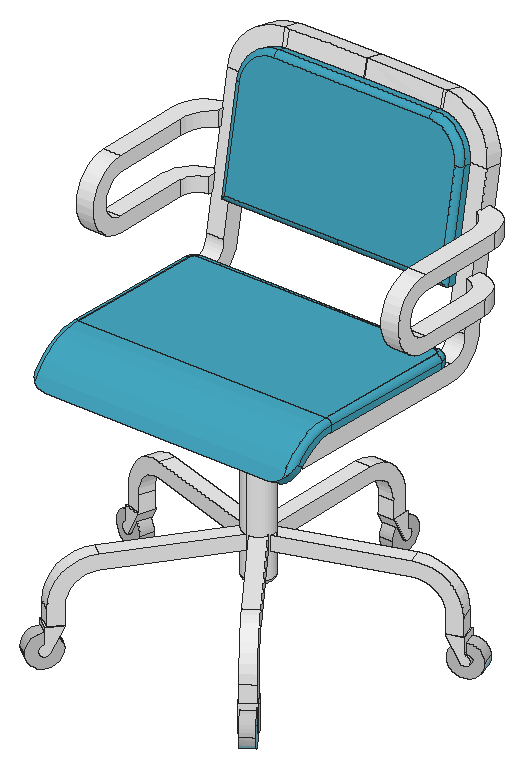
Revit family
Parameters (values of type "NIN0SWV-S")
  Width = 22"
  Wheels Finish = EMECO-Plastic Gray
  Weight (lbs) = 20
  Warranties = "7 Year Warranty"  # constant formula
  URL = "www.emeco.net"
  Trolly for tow Stacks = "N/A"  # constant formula
  Stackable = "Does Not Stack"  # constant formula
  Spinneybeck Volo Leather = "N/A"  # constant formula
  Sound Attenuation Pad = ""
  Soft Back Visibility = yes
  Seat Material = "EMECO-Soft Polyurethane"  # constant formula
  Seat & Back Finish Option [instance] = Emeco-Shared-Seat_Back-NIN0SWV : Blue
  Product Name = "Nine-0™ Swivel Armchair"  # constant formula
  Outdoor Warranty = "N/A"  # constant formula
  Open Back Visibility = no
  Model = "NIN0SWV-SA"
  Manufacturer = "Emeco"  # constant formula
  Integrated Felt Glide = "N/A"  # constant formula
  Frame Material = "EMECO-Recycled Aluminum Base, Adjustable Glides"  # constant formula
  Frame Finish Option = "EMECO-Hand Brushed or Hand Polished"  # constant formula
  Fire Retardant Seat Pad = "N/A"  # constant formula
  Fire Retardant = "Certified Acc To Bs And Cal133"  # constant formula
  Depth = 23"
  Created by = "Contino"  # constant formula
  Collaborator = "Ettore Sottsass"  # constant formula
  Bar Back Visibility = no
  Back Material = "EMECO-Soft Polyurethane"
  BIFMA = "Yes"  # constant formula
  Assembly Code = "E2020200"
  Adjustable Seat Heigth = "17.5-20.5"  # constant formula
  Adjustable Height = "29.5-32.5"  # constant formula
Reference planes
  plane 1 "Center Front/Back": y = 0.515
  plane 2: z = 0
  plane 3 "Center Left/Right": x = 0
  plane 4 "Top 2": z = 800.1
  plane 5 "Left 1": x = -279.4
  plane 6 "Front 1": y = -528.477
  plane 7 "Right 1": x = 279.4
  plane 8 "Top 1": z = 469.9
  plane 9 "Back 1": y = 55.723
Forms (mm)
  Extrusion 1, solid, material "EMECO-Hand Brushed"
    sketch origin (0, 121.744, 537.696) x (0, -0.992546, 0.121869) y (1, 0, 0)
      loop
        line (188.455, -195) -> (207.73, -195)
        arc (207.73, -195) -> (192.665, 0) -> (207.73, 195) r 1269.634
        line (207.73, 195) -> (188.455, 195)
        arc (188.455, 195) -> (173.389, 0) -> (188.455, -195) r 1269.454
    from -21.417 to 0
  Extrusion 2, solid, material "EMECO-Hand Brushed", visible <- "Bar Back Visibility"
    sketch origin (0, 19.462, 7.925) x (0, 0.999391, 0.034899) y (0, -0.034899, 0.999391)
      loop
        line (-24.253, 784.52) -> (-70.255, 545.837) -> (-60.505, 543.584) -> (-14.565, 781.951) -> (-24.253, 784.52)
    from 55 to 85
  Extrusion 3, solid, material "EMECO-Hand Brushed", visible <- "Bar Back Visibility"
    sketch origin (-140, 19.462, 7.925) x (0, 0.999391, 0.034899) y (0, -0.034899, 0.999391)
      loop
        line (-24.253, 784.52) -> (-70.255, 545.837) -> (-60.505, 543.584) -> (-14.565, 781.951) -> (-24.253, 784.52)
    from 55 to 85
  Extrusion 4, solid, material "EMECO-Hand Brushed", visible <- "Bar Back Visibility"
    sketch origin (-70, 19.462, 7.925) x (0, 0.999391, 0.034899) y (0, -0.034899, 0.999391)
      loop
        line (-22.556, 784.07) -> (-68.546, 545.442) -> (-58.797, 543.189) -> (-12.867, 781.501) -> (-22.556, 784.07)
    from 55 to 85
  Extrusion 5, solid, material "EMECO-Hand Brushed"
    sketch origin (0, -15.473, 0) x (0, 1, 0) y (0, 0, 1)
      loop
        line (-120.027, 654.6) -> (-248.541, 654.6)
        arc (-248.541, 654.6) -> (-308.541, 594.6) -> (-248.541, 534.6) r 60
        line (-248.541, 534.6) -> (-120.027, 534.6) -> (-120.027, 560) -> (-248.541, 560)
        arc (-248.541, 560) -> (-283.141, 594.6) -> (-248.541, 629.2) r 34.6
        line (-248.541, 629.2) -> (-120.027, 629.2) -> (-120.027, 654.6)
    from 250 to 280
  Extrusion 6, solid, material "EMECO-Hand Brushed"
    sketch origin (0, -15.473, 0) x (0, 1, 0) y (0, 0, 1)
      loop
        line (-120.027, 654.6) -> (-248.541, 654.6)
        arc (-248.541, 654.6) -> (-308.541, 594.6) -> (-248.541, 534.6) r 60
        line (-248.541, 534.6) -> (-120.027, 534.6) -> (-120.027, 560) -> (-248.541, 560)
        arc (-248.541, 560) -> (-283.141, 594.6) -> (-248.541, 629.2) r 34.6
        line (-248.541, 629.2) -> (-120.027, 629.2) -> (-120.027, 654.6)
    from -280 to -250
  Extrusion 7, solid, material "EMECO-Hand Brushed"
    sketch origin (0, -15.473, 0) x (1, 0, 0) y (0, 1, 0)
      loop
        line (-280, -120.027) -> (-250, -120.027)
        arc (-250, -120.027) -> (-244.235, -90.735) -> (-225, -67.903) r 59.661
        line (-225, -67.903) -> (-225, -43.345)
        arc (-225, -43.345) -> (-263.891, -59.454) -> (-280, -98.345) r 55
        line (-280, -98.345) -> (-280, -120.027)
    from 629.2 to 654.6
  Extrusion 8, solid, material "EMECO-Hand Brushed"
    sketch origin (0, -15.473, -94.6) x (1, 0, 0) y (0, 1, 0)
      loop
        arc (-250, -120.027) -> (-242.717, -100.521) -> (-225, -89.585) r 32.106
        line (-225, -89.585) -> (-225, -65.027)
        arc (-225, -65.027) -> (-263.891, -81.136) -> (-280, -120.027) r 55
        line (-280, -120.027) -> (-250, -120.027)
    from 629.2 to 654.6
  Extrusion 9, solid, material "EMECO-Hand Brushed"
    sketch origin (0, -15.473, 0) x (-1, 0, 0) y (0, -1, 0)
      loop
        line (-280, 120.027) -> (-280, 98.345)
        arc (-280, 98.345) -> (-263.891, 59.454) -> (-225, 43.345) r 55
        line (-225, 43.345) -> (-225, 67.903)
        arc (-225, 67.903) -> (-244.235, 90.735) -> (-250, 120.027) r 59.661
        line (-250, 120.027) -> (-280, 120.027)
    from 629.2 to 654.6
  Extrusion 10, solid, material "EMECO-Hand Brushed"
    sketch origin (0, -15.473, -94.6) x (-1, 0, 0) y (0, -1, 0)
      loop
        line (-250, 120.027) -> (-280, 120.027)
        arc (-280, 120.027) -> (-263.891, 81.136) -> (-225, 65.027) r 55
        line (-225, 65.027) -> (-225, 89.585)
        arc (-225, 89.585) -> (-242.717, 100.521) -> (-250, 120.027) r 32.106
    from 629.2 to 654.6
  Sweep 11, solid, material "EMECO-Hand Brushed"
    path origin (265, -3.844, -0.038) x (0, -1, 0) y (0, 0, 1)
      loop
        line (254.102, 155.6) -> (46.408, 155.6)
        arc (46.408, 155.6) -> (2.143, 137.265) -> (-16.192, 93) r 62.6
        line (-16.192, 93) -> (-16.192, 65)
    profile origin (265, -154.099, 155.562) x (0, 0, -1) y (-1, 0, 0)
      loop
        line (-12.7, 252.3) -> (12.7, 252.3) -> (12.7, 277.7) -> (-12.7, 277.7) -> (-12.7, 252.3)
  Sweep 12, solid, material "EMECO-Hand Brushed"
    path origin (-178.232, 59.196, -0.038) x (0.951057, -0.309017, 0) y (0, 0, 1)
      loop
        line (254.102, 155.6) -> (46.408, 155.6)
        arc (46.408, 155.6) -> (2.143, 137.265) -> (-16.192, 93) r 62.6
        line (-16.192, 93) -> (-16.192, 65)
    profile origin (-35.331, 12.765, 155.562) x (0, 0, -1) y (-0.309017, -0.951057, 0)
      loop
        line (-12.7, 252.3) -> (12.7, 252.3) -> (12.7, 277.7) -> (-12.7, 277.7) -> (-12.7, 252.3)
  Sweep 13, solid, material "EMECO-Hand Brushed"
    path origin (375.154, -342.862, -0.038) x (-0.587785, 0.809017, 0) y (0, 0, -1)
      loop
        line (254.102, -155.6) -> (46.408, -155.6)
        arc (46.408, -155.6) -> (2.143, -137.265) -> (-16.192, -93) r 62.6
        line (-16.192, -93) -> (-16.192, -65)
    profile origin (286.836, -221.303, 155.562) x (0, 0, 1) y (-0.809017, -0.587785, 0)
      loop
        line (12.7, 252.3) -> (12.7, 277.7) -> (-12.7, 277.7) -> (-12.7, 252.3) -> (12.7, 252.3)
  Sweep 14, solid, material "EMECO-Hand Brushed"
    path origin (-375.154, -342.862, -0.038) x (0.587785, 0.809017, 0) y (0, 0, 1)
      loop
        line (254.102, 155.6) -> (46.408, 155.6)
        arc (46.408, 155.6) -> (2.143, 137.265) -> (-16.192, 93) r 62.6
        line (-16.192, 93) -> (-16.192, 65)
    profile origin (-286.836, -221.303, 155.562) x (0, 0, -1) y (0.809017, -0.587785, 0)
      loop
        line (-12.7, 252.3) -> (12.7, 252.3) -> (12.7, 277.7) -> (-12.7, 277.7) -> (-12.7, 252.3)
  Sweep 15, solid, material "EMECO-Hand Brushed"
    path origin (178.232, 59.196, -0.038) x (-0.951057, -0.309017, 0) y (0, 0, -1)
      loop
        line (254.102, -155.6) -> (46.408, -155.6)
        arc (46.408, -155.6) -> (2.143, -137.265) -> (-16.192, -93) r 62.6
        line (-16.192, -93) -> (-16.192, -65)
    profile origin (35.331, 12.765, 155.562) x (0, 0, 1) y (0.309017, -0.951057, 0)
      loop
        line (12.7, 252.3) -> (12.7, 277.7) -> (-12.7, 277.7) -> (-12.7, 252.3) -> (12.7, 252.3)
  Extrusion 16, solid, material "EMECO-Hand Brushed"
    sketch origin (265, -3.844, -0.038) x (0, -1, 0) y (0, 0, 1)
      loop
        line (-31.492, 65) -> (-31.492, 41.856) -> (-32.627, 37.621)
        arc (-32.627, 37.621) -> (-38.871, 24.95) -> (-24.809, 23.603) r 8.583
        line (-24.809, 23.603) -> (-3.492, 63) -> (-3.492, 65) -> (-31.492, 65)
    from 279.7 to 250.3
  Extrusion 17, solid, material "EMECO-Plastic Gray" <- "Wheels Finish"
    sketch origin (265, -3.844, -0.038) x (0, -1, 0) y (0, 0, 1)
      loop
        circle (-31.55, 28.017) r 28.017
    from 253.302 to 276.677
  Extrusion 18, solid, material "EMECO-Hand Brushed"
    sketch origin (342.045, -444.931, -0.038) x (-0.951057, -0.309017, 0) y (0, 0, 1)
      loop
        line (-31.492, 65) -> (-31.492, 41.856) -> (-32.627, 37.621)
        arc (-32.627, 37.621) -> (-38.871, 24.95) -> (-24.809, 23.603) r 8.583
        line (-24.809, 23.603) -> (-3.492, 63) -> (-3.492, 65) -> (-31.492, 65)
    from 279.7 to 250.3
  Extrusion 19, solid, material "EMECO-Hand Brushed"
    sketch origin (-53.268, -654.887, -0.038) x (-0.589767, 0.807574, 0) y (0, 0, 1)
      loop
        line (-31.492, 65) -> (-31.492, 41.856) -> (-32.627, 37.621)
        arc (-32.627, 37.621) -> (-38.871, 24.95) -> (-24.809, 23.603) r 8.583
        line (-24.809, 23.603) -> (-3.492, 63) -> (-3.492, 65) -> (-31.492, 65)
    from 279.7 to 250.3
  Extrusion 20, solid, material "EMECO-Hand Brushed"
    sketch origin (-342.045, -444.931, -0.038) x (0.951057, -0.309017, 0) y (0, 0, -1)
      loop
        line (-31.492, -65) -> (-3.492, -65) -> (-3.492, -63) -> (-24.809, -23.603)
        arc (-24.809, -23.603) -> (-38.871, -24.95) -> (-32.627, -37.621) r 8.583
        line (-32.627, -37.621) -> (-31.492, -41.856) -> (-31.492, -65)
    from 279.7 to 250.3
  Extrusion 21, solid, material "EMECO-Hand Brushed"
    sketch origin (53.268, -654.887, -0.038) x (0.589767, 0.807574, 0) y (0, 0, -1)
      loop
        line (-31.492, -65) -> (-3.492, -65) -> (-3.492, -63) -> (-24.809, -23.603)
        arc (-24.809, -23.603) -> (-38.871, -24.95) -> (-32.627, -37.621) r 8.583
        line (-32.627, -37.621) -> (-31.492, -41.856) -> (-31.492, -65)
    from 279.7 to 250.3
  Revolve 22, solid, material "EMECO-Hand Brushed"
    sketch origin (-0.171, -4.001, -0.038) x (0, -1, 0) y (0, 0, 1)
      loop
        line (292.472, 295.272) -> (273.379, 295.272) -> (273.379, 92.538) -> (292.481, 92.538)
        arc (292.481, 92.538) -> (296.733, 94.299) -> (298.495, 98.551) r 6.013
        line (298.495, 98.551) -> (298.495, 289.249)
        arc (298.495, 289.249) -> (296.731, 293.508) -> (292.472, 295.272) r 6.023
      axis (273.379, 295.272) -> (273.379, 92.538)
    angle from 0 to 360
  Extrusion 23, solid, material "EMECO-Hand Brushed"
    sketch origin (0, -3.844, 535.273) x (-1, 0, 0) y (0, -1, 0)
      loop
        circle (0, 273.379) r 12.5
    from -240.039 to -172.784
  Revolve 24, solid, material "EMECO-Hand Brushed"
    sketch origin (0, -16.043, -10.093) x (0, -0.999489, 0.031966) y (0, 0.031966, 0.999489)
      loop
        line (246.955, 363.929) -> (349.199, 430.327) -> (334.774, 452.541) -> (255.724, 401.205) -> (245.99, 374.462)
        arc (245.99, 374.462) -> (245.294, 369.087) -> (246.955, 363.929) r 12.404
      axis (349.199, 430.327) -> (246.955, 363.929)
    angle from 0 to 360
  Revolve 25, solid, material "EMECO-Hand Brushed"
    sketch origin (0, -15.448, -13.163) x (0, -0.999391, 0.034899) y (0, 0.034899, 0.999391)
      loop
        line (339.165, 396.986) -> (320.391, 388.075) -> (335.422, 358.575)
        arc (335.422, 358.575) -> (331.561, 354.954) -> (331.87, 349.67) r 6.241
        line (331.87, 349.67) -> (342.011, 330.942)
        arc (342.011, 330.942) -> (349.158, 326.439) -> (357.556, 327.35) r 12.842
        line (357.556, 327.35) -> (371.559, 333.408) -> (339.165, 396.986)
      axis (338.9, 397.506) -> (371.559, 333.408)
    angle from 0 to 360
  Extrusion 26, solid, material "EMECO-Plastic Gray" <- "Wheels Finish"
    sketch origin (341.888, -444.775, -0.038) x (-0.951057, -0.309017, 0) y (0, 0, 1)
      loop
        circle (-31.55, 28.017) r 28.017
    from 253.302 to 276.677
  Extrusion 27, solid, material "EMECO-Plastic Gray" <- "Wheels Finish"
    sketch origin (-54.074, -653.474, -0.038) x (-0.584633, 0.811298, 0) y (0, 0, 1)
      loop
        circle (-31.55, 28.017) r 28.017
    from 253.302 to 276.677
  Extrusion 28, solid, material "EMECO-Plastic Gray" <- "Wheels Finish"
    sketch origin (-341.888, -444.775, -0.038) x (0.951057, -0.309017, 0) y (0, 0, -1)
      loop
        circle (-31.55, -28.017) r 28.017
    from 253.302 to 276.677
  Extrusion 29, solid, material "EMECO-Plastic Gray" <- "Wheels Finish"
    sketch origin (54.074, -653.474, -0.038) x (0.584633, 0.811298, 0) y (0, 0, -1)
      loop
        circle (-31.55, -28.017) r 28.017
    from 253.302 to 276.677
  Extrusion 30, solid, material "EMECO-Hand Brushed"
    sketch origin (279.4, 0, 0) x (0, -1, 0) y (0, 0, -1)
      loop
        line (435.632, -420.9) -> (435.023, -443.693)
        arc (435.023, -443.693) -> (451.258, -434.444) -> (464.905, -421.681) r 80
        line (464.905, -421.681) -> (435.632, -420.9)
      loop
        line (171.171, -443.848) -> (171.972, -413.859) -> (141.982, -413.058) -> (141.181, -443.047) -> (171.171, -443.848)
    from -474.4 to -84.4
  Sweep 31, solid, material "EMECO-Hand Brushed"
    path in 3D
      loop
        line (-225, -463.776, 421.102) -> (-225, -140.853, 412.478)
        arc (-225, -140.853, 412.478) -> (-225, -97.215, 429.644) -> (-225, -79.253, 472.96) r 60
        line (-225, -79.253, 472.96) -> (-225, -34.059, 707.453)
        arc (-225, -34.059, 707.453) -> (-200.696, -21.912, 766.067) -> (-141.229, -15.158, 790.397) r 84.481
        line (-141.229, -15.158, 790.397) -> (-134.93, -14.939, 790.404)
        spline (-134.93, -14.939, 790.404) -> (-123.69, -14.562, 790.422) -> (-112.448, -14.216, 790.446) -> (-101.206, -13.9, 790.477) -> (-89.963, -13.616, 790.516) -> (-78.719, -13.362, 790.561) -> (-67.474, -13.14, 790.613) -> (-56.229, -12.948, 790.673) -> (-44.984, -12.787, 790.739) -> (-33.738, -12.656, 790.813) -> (-22.492, -12.557, 790.893) -> (-11.246, -12.488, 790.981) -> (0, -12.45, 791.075)
        spline (0, -12.45, 791.075) -> (11.246, -12.488, 790.981) -> (22.493, -12.557, 790.893) -> (33.739, -12.656, 790.813) -> (44.985, -12.787, 790.739) -> (56.23, -12.948, 790.673) -> (67.475, -13.14, 790.613) -> (78.72, -13.362, 790.561) -> (89.963, -13.616, 790.516) -> (101.206, -13.9, 790.477) -> (112.449, -14.216, 790.446) -> (123.69, -14.562, 790.422) -> (134.93, -14.939, 790.404)
        line (134.93, -14.939, 790.404) -> (141.229, -15.158, 790.397)
        arc (141.229, -15.158, 790.397) -> (200.696, -21.912, 766.067) -> (225, -34.059, 707.453) r 84.481
        line (225, -34.059, 707.453) -> (225, -79.253, 472.96)
        arc (225, -79.253, 472.96) -> (225, -97.215, 429.644) -> (225, -140.853, 412.478) r 60
        line (225, -140.853, 412.478) -> (225, -463.776, 421.102)
    profile origin (225, -302.314, 416.79) x (0, -0.026695, -0.999644) y (1, 0, 0)
      loop
        line (0, 0) -> (-30, 0) -> (-30, -30) -> (0, -30) -> (0, 0)
  Extrusion 32, void
    sketch origin (279.4, 0, 0) x (0, -1, 0) y (0, 0, -1)
      loop
        line (401.233, -451.233) -> (401.233, -467.332) -> (477.433, -467.332) -> (477.433, -406.15)
        arc (477.433, -406.15) -> (445.576, -439.242) -> (401.233, -451.233) r 86.059
    from -529.924 to -11.381
  Extrusion 33, solid, material "EMECO-Hand Brushed", not visible
    sketch origin (0, 118.5, 513.278) x (0, -0.97437, 0.224951) y (1, 0, 0)
      loop
        line (188.455, -195) -> (207.73, -195)
        arc (207.73, -195) -> (192.665, 0) -> (207.73, 195) r 1269.634
        line (207.73, 195) -> (188.455, 195)
        arc (188.455, 195) -> (173.389, 0) -> (188.455, -195) r 1269.454
    from -21.417 to 0
  Extrusion 34, solid, material "EMECO-Hand Brushed", visible <- "Bar Back Visibility", not visible
    sketch origin (-140, 0, 0) x (0, 1, 0) y (0, 0, 1)
      loop
        line (-24.253, 784.52) -> (-70.255, 545.837) -> (-60.505, 543.584) -> (-14.565, 781.951) -> (-24.253, 784.52)
    from 55 to 85
  Extrusion 35, solid, material "EMECO-Hand Brushed", not visible
    sketch origin (0, 118.5, 513.278) x (0, -0.97437, 0.224951) y (1, 0, 0)
      loop
        line (188.455, -195) -> (207.73, -195)
        arc (207.73, -195) -> (192.665, 0) -> (207.73, 195) r 1269.634
        line (207.73, 195) -> (188.455, 195)
        arc (188.455, 195) -> (173.389, 0) -> (188.455, -195) r 1269.454
    from -21.417 to 0
  Extrusion 36, solid, material "EMECO-Hand Brushed", visible <- "Bar Back Visibility", not visible
    sketch origin (0, 0, 0) x (0, 1, 0) y (0, 0, 1)
      loop
        line (-24.253, 784.52) -> (-70.255, 545.837) -> (-60.505, 543.584) -> (-14.565, 781.951) -> (-24.253, 784.52)
    from 55 to 85
  Extrusion 37, solid, material "EMECO-Hand Brushed", visible <- "Bar Back Visibility", not visible
    sketch origin (-140, 0, 0) x (0, 1, 0) y (0, 0, 1)
      loop
        line (-24.253, 784.52) -> (-70.255, 545.837) -> (-60.505, 543.584) -> (-14.565, 781.951) -> (-24.253, 784.52)
    from 55 to 85
  Extrusion 38, solid, material "EMECO-Hand Brushed", visible <- "Bar Back Visibility", not visible
    sketch origin (-70, 0, 0) x (0, 1, 0) y (0, 0, 1)
      loop
        line (-22.556, 784.07) -> (-68.546, 545.442) -> (-58.797, 543.189) -> (-12.867, 781.501) -> (-22.556, 784.07)
    from 55 to 85
Cuts and joins
  joined: Sweep 11, Extrusion 16
  joined: Sweep 15, Extrusion 18
  joined: Sweep 12, Extrusion 20
  joined: Extrusion 5, Extrusion 9, Extrusion 10
  joined: Extrusion 6, Extrusion 7, Extrusion 8
  Extrusion 32 cuts Sweep 31
Lines and regions (mm)
  Masking region 1
    outline origin (0, 0, 0) x (1, 0, 0) y (0, 1, 0)
      loop
        line (-279.4, -308.059) -> (-250, -308.059) -> (-250, -209.476) -> (-225, -217.599) -> (-225, -473.357)
        spline (-225, -473.357) -> (-224.94, -475.544) -> (-224.758, -477.705) -> (-224.448, -479.834) -> (-224.004, -481.915) -> (-223.421, -483.939) -> (-222.691, -485.889) -> (-221.808, -487.746) -> (-220.766, -489.49) -> (-219.562, -491.089) -> (-218.194, -492.514) -> (-216.672, -493.721) -> (-215.001, -494.695)
        spline (-215.001, -494.695) -> (-213.456, -495.357) -> (-211.825, -495.965) -> (-210.115, -496.518) -> (-208.332, -497.013) -> (-206.485, -497.447) -> (-204.581, -497.82) -> (-202.626, -498.129) -> (-200.63, -498.374) -> (-198.601, -498.554) -> (-196.546, -498.667) -> (-194.474, -498.713) -> (-192.393, -498.693)
        line (-192.393, -498.693) -> (-179.252, -498.693) -> (-195.906, -521.497) -> (-194.264, -522.68) -> (-205.973, -538.929) -> (-185.366, -553.778) -> (-173.745, -537.653) -> (-172.155, -538.798) -> (-142.866, -498.692) -> (142.866, -498.692) -> (172.155, -538.798) -> (173.745, -537.653) -> (185.366, -553.778) -> (205.973, -538.929) -> (194.264, -522.68) -> (195.906, -521.497) -> (179.252, -498.693) -> (192.393, -498.693)
        spline (192.393, -498.693) -> (194.474, -498.713) -> (196.546, -498.667) -> (198.601, -498.554) -> (200.63, -498.374) -> (202.626, -498.129) -> (204.581, -497.82) -> (206.485, -497.447) -> (208.332, -497.013) -> (210.115, -496.518) -> (211.825, -495.965) -> (213.456, -495.357) -> (215.001, -494.695)
        spline (215.001, -494.695) -> (216.672, -493.721) -> (218.194, -492.514) -> (219.562, -491.089) -> (220.766, -489.49) -> (221.808, -487.746) -> (222.691, -485.889) -> (223.421, -483.939) -> (224.004, -481.915) -> (224.448, -479.834) -> (224.758, -477.705) -> (224.94, -475.544) -> (225, -473.357)
        line (225, -473.357) -> (225, -217.599) -> (250, -209.476) -> (250, -308.059) -> (279.4, -308.059) -> (279.4, -201.627) -> (302.285, -194.191) -> (301.667, -192.289) -> (320.671, -186.114) -> (312.822, -161.957) -> (293.783, -168.143) -> (293.165, -166.241) -> (279.4, -170.714) -> (279.4, -90.243)
        arc (279.4, -90.243) -> (260.912, -56.688) -> (225, -43.345) r 55
        line (225, -43.345) -> (225, -24.232)
        spline (225, -24.232) -> (224.213, -21.547) -> (222.007, -18.896) -> (218.432, -16.32) -> (213.54, -13.859) -> (207.41, -11.551) -> (200.156, -9.433) -> (191.907, -7.535) -> (182.803, -5.885) -> (173.005, -4.507) -> (162.68, -3.42) -> (152.002, -2.638) -> (141.159, -2.17)
        arc (141.159, -2.17) -> (77.941, -0.272) -> (14.7, 0.53) r 3650.544
        line (14.7, 0.53) -> (14.7, 36.113) -> (12.7, 36.113) -> (12.7, 55.723) -> (-12.7, 55.723) -> (-12.7, 36.113) -> (-14.7, 36.113) -> (-14.7, 0.53)
        arc (-14.7, 0.53) -> (-77.941, -0.272) -> (-141.159, -2.17) r 3650.544
        spline (-141.159, -2.17) -> (-152.002, -2.638) -> (-162.68, -3.42) -> (-173.005, -4.507) -> (-182.803, -5.885) -> (-191.907, -7.535) -> (-200.156, -9.433) -> (-207.41, -11.551) -> (-213.54, -13.859) -> (-218.432, -16.32) -> (-222.007, -18.896) -> (-224.213, -21.547) -> (-225, -24.232)
        line (-225, -24.232) -> (-225, -43.345)
        arc (-225, -43.345) -> (-260.912, -56.688) -> (-279.4, -90.243) r 55
        line (-279.4, -90.243) -> (-279.4, -170.714) -> (-293.165, -166.241) -> (-293.783, -168.143) -> (-312.822, -161.957) -> (-320.671, -186.114) -> (-301.667, -192.289) -> (-302.285, -194.191) -> (-279.4, -201.627) -> (-279.4, -308.059)
      loop
        line (-250, -120.027) -> (-250, -182.769) -> (-225, -190.892) -> (-225, -89.585)
        arc (-225, -89.585) -> (-242.949, -100.331) -> (-250, -120.027) r 31.035
      loop
        line (-195, -140.888) -> (195, -140.888) -> (195, -53.058)
        spline (195, -53.058) -> (194.524, -51.37) -> (193.127, -49.691) -> (190.832, -48.051) -> (187.678, -46.476) -> (183.718, -44.993) -> (179.02, -43.628) -> (173.663, -42.403) -> (167.739, -41.34) -> (161.347, -40.456) -> (154.596, -39.767) -> (147.601, -39.284) -> (140.48, -39.015)
        arc (140.48, -39.015) -> (0, -35.578) -> (-140.48, -39.015) r 2872.596
        spline (-140.48, -39.015) -> (-147.601, -39.284) -> (-154.596, -39.767) -> (-161.347, -40.456) -> (-167.739, -41.34) -> (-173.663, -42.403) -> (-179.02, -43.628) -> (-183.718, -44.993) -> (-187.678, -46.476) -> (-190.832, -48.051) -> (-193.127, -49.691) -> (-194.524, -51.37) -> (-195, -53.058)
        line (-195, -53.058) -> (-195, -140.888)
      loop
        arc (250, -120.027) -> (242.949, -100.331) -> (225, -89.585) r 31.035
        line (225, -89.585) -> (225, -190.892) -> (250, -182.769) -> (250, -120.027)
  Masking region 2, visible <- "Bar Back Visibility"
    outline origin (0, 0, 800.1) x (0, -1, 0) y (1, 0, 0)
      loop
        spline (65.125, 195) -> (63.777, 185.878) -> (62.493, 176.747) -> (61.274, 167.606) -> (60.119, 158.457) -> (59.029, 149.299) -> (58.005, 140.133) -> (57.045, 130.96) -> (56.15, 121.78) -> (55.32, 112.593) -> (54.555, 103.401) -> (53.856, 94.203) -> (53.221, 85)
        line (53.221, 85) -> (37.655, 85)
        arc (37.655, 85) -> (37.25, 70.001) -> (36.923, 55) r 2872.596
        line (36.923, 55) -> (51.607, 55)
        spline (51.607, 55) -> (51.47, 51.668) -> (51.342, 48.336) -> (51.223, 45.004) -> (51.112, 41.671) -> (51.009, 38.338) -> (50.916, 35.004) -> (50.83, 31.671) -> (50.753, 28.337) -> (50.685, 25.003) -> (50.625, 21.669) -> (50.574, 18.334) -> (50.532, 15)
        line (50.532, 15) -> (35.944, 15)
        arc (35.944, 15) -> (35.557, 0) -> (35.944, -15) r 291.571
        line (35.944, -15) -> (50.532, -15)
        spline (50.532, -15) -> (50.574, -18.334) -> (50.625, -21.669) -> (50.685, -25.003) -> (50.753, -28.337) -> (50.83, -31.671) -> (50.916, -35.004) -> (51.009, -38.338) -> (51.112, -41.671) -> (51.223, -45.004) -> (51.342, -48.336) -> (51.47, -51.668) -> (51.607, -55)
        line (51.607, -55) -> (36.923, -55)
        arc (36.923, -55) -> (37.25, -70.001) -> (37.655, -85) r 2872.596
        line (37.655, -85) -> (53.221, -85)
        spline (53.221, -85) -> (53.856, -94.203) -> (54.555, -103.401) -> (55.32, -112.593) -> (56.15, -121.78) -> (57.045, -130.96) -> (58.005, -140.133) -> (59.029, -149.299) -> (60.119, -158.457) -> (61.274, -167.606) -> (62.493, -176.747) -> (63.777, -185.878) -> (65.125, -195)
        line (65.125, -195) -> (88.724, -195)
        spline (88.724, -195) -> (86.529, -179.911) -> (84.511, -164.796) -> (82.67, -149.657) -> (81.006, -134.497) -> (79.521, -119.317) -> (78.213, -104.12) -> (77.082, -88.909) -> (76.131, -73.684) -> (75.357, -58.448) -> (74.762, -43.204) -> (74.345, -27.954) -> (74.107, -12.7)
        line (74.107, -12.7) -> (140.888, -12.7) -> (140.888, 12.7) -> (74.107, 12.7)
        spline (74.107, 12.7) -> (74.345, 27.954) -> (74.762, 43.204) -> (75.357, 58.448) -> (76.131, 73.684) -> (77.082, 88.909) -> (78.213, 104.12) -> (79.521, 119.317) -> (81.006, 134.497) -> (82.67, 149.657) -> (84.511, 164.796) -> (86.529, 179.911) -> (88.724, 195)
        line (88.724, 195) -> (65.125, 195)
  Masking region 3, visible <- "Open Back Visibility"
    outline origin (0, 0, 0) x (1, 0, 0) y (0, 1, 0)
      loop
        spline (195, -65.125) -> (179.911, -62.93) -> (164.796, -60.912) -> (149.658, -59.071) -> (134.497, -57.407) -> (119.318, -55.921) -> (104.121, -54.613) -> (88.909, -53.483) -> (73.684, -52.531) -> (58.448, -51.757) -> (43.204, -51.162) -> (27.954, -50.745) -> (12.7, -50.507)
        line (12.7, -50.507) -> (12.7, -35.834)
        arc (12.7, -35.834) -> (0, -35.557) -> (-12.7, -35.834) r 291.571
        line (-12.7, -35.834) -> (-12.7, -50.507)
        spline (-12.7, -50.507) -> (-27.954, -50.745) -> (-43.204, -51.162) -> (-58.448, -51.757) -> (-73.684, -52.531) -> (-88.909, -53.483) -> (-104.121, -54.613) -> (-119.318, -55.921) -> (-134.497, -57.407) -> (-149.658, -59.071) -> (-164.796, -60.912) -> (-179.911, -62.93) -> (-195, -65.125)
        line (-195, -65.125) -> (-195, -88.724)
        spline (-195, -88.724) -> (-179.911, -86.529) -> (-164.796, -84.511) -> (-149.657, -82.67) -> (-134.497, -81.006) -> (-119.317, -79.521) -> (-104.12, -78.213) -> (-88.909, -77.082) -> (-73.684, -76.131) -> (-58.448, -75.357) -> (-43.204, -74.762) -> (-27.954, -74.345) -> (-12.7, -74.107)
        line (-12.7, -74.107) -> (-12.7, -140.888) -> (12.7, -140.888) -> (12.7, -74.107)
        spline (12.7, -74.107) -> (27.954, -74.345) -> (43.204, -74.762) -> (58.448, -75.357) -> (73.684, -76.131) -> (88.909, -77.082) -> (104.12, -78.213) -> (119.317, -79.521) -> (134.497, -81.006) -> (149.657, -82.67) -> (164.796, -84.511) -> (179.911, -86.529) -> (195, -88.724)
        line (195, -88.724) -> (195, -65.125)
  Masking region 4
    outline origin (279.4, 1168.4, 0) x (0, -1, 0) y (0, 0, 1)
      loop
        arc (1218.652, 168.262) -> (1165.407, 146.207) -> (1143.352, 92.962) r 75.3
        line (1143.352, 92.962) -> (1143.352, 64.962) -> (1140.752, 64.962) -> (1140.752, 55.997)
        arc (1140.752, 55.997) -> (1129.929, 2.113) -> (1160.53, 47.766) r 28.017
        line (1160.53, 47.766) -> (1168.752, 62.962) -> (1168.752, 92.962)
        arc (1168.752, 92.962) -> (1183.368, 128.247) -> (1218.652, 142.862) r 49.9
        line (1218.652, 142.862) -> (1346.07, 142.862)
        spline (1346.07, 142.862) -> (1345.172, 139.369) -> (1344.34, 135.707) -> (1343.578, 131.889) -> (1342.888, 127.929) -> (1342.274, 123.843) -> (1341.737, 119.643) -> (1341.279, 115.346) -> (1340.902, 110.968) -> (1340.608, 106.524) -> (1340.397, 102.031) -> (1340.27, 97.505) -> (1340.227, 92.962)
        line (1340.227, 92.962) -> (1340.227, 64.962) -> (1337.589, 64.962) -> (1337.589, 54.599)
        spline (1337.589, 54.599) -> (1335.777, 51.891) -> (1334.205, 47.912) -> (1332.956, 42.875) -> (1332.097, 37.045) -> (1331.673, 30.734) -> (1331.707, 24.277) -> (1332.197, 18.016) -> (1333.117, 12.285) -> (1334.418, 7.388) -> (1336.031, 3.584) -> (1337.87, 1.078) -> (1339.838, 0)
        line (1339.838, 0) -> (1362.972, 0)
        spline (1362.972, 0) -> (1364.371, 0.609) -> (1365.721, 1.947) -> (1366.987, 3.977) -> (1368.133, 6.645) -> (1369.13, 9.881) -> (1369.951, 13.599) -> (1370.575, 17.699) -> (1370.984, 22.072) -> (1371.168, 26.603) -> (1371.122, 31.17) -> (1370.848, 35.652) -> (1370.351, 39.93)
        line (1370.351, 39.93) -> (1374.202, 62.962) -> (1374.202, 64.962) -> (1372.233, 64.962) -> (1372.233, 92.962)
        spline (1372.233, 92.962) -> (1372.365, 99.475) -> (1372.759, 105.877) -> (1373.407, 112.058) -> (1374.299, 117.912) -> (1375.42, 123.339) -> (1376.75, 128.247) -> (1378.266, 132.55) -> (1379.943, 136.177) -> (1381.752, 139.064) -> (1383.662, 141.162) -> (1385.64, 142.435) -> (1387.653, 142.862)
        line (1387.653, 142.862) -> (1420.669, 142.862) -> (1420.669, 99.759)
        arc (1420.669, 99.759) -> (1422.796, 94.622) -> (1427.933, 92.495) r 7.264
        line (1427.933, 92.495) -> (1463.631, 92.495)
        arc (1463.631, 92.495) -> (1468.768, 94.622) -> (1470.895, 99.759) r 7.264
        line (1470.895, 99.759) -> (1470.895, 142.862) -> (1622.015, 142.862)
        spline (1622.015, 142.862) -> (1627.285, 142.435) -> (1632.464, 141.162) -> (1637.464, 139.064) -> (1642.2, 136.177) -> (1646.591, 132.55) -> (1650.561, 128.247) -> (1654.043, 123.339) -> (1656.977, 117.912) -> (1659.312, 112.058) -> (1661.01, 105.877) -> (1662.04, 99.475) -> (1662.385, 92.962)
        line (1662.385, 92.962) -> (1662.385, 64.962) -> (1661.149, 64.962) -> (1661.149, 62.962) -> (1668.464, 46.222)
        spline (1668.464, 46.222) -> (1666.029, 41.983) -> (1664.27, 37.264) -> (1663.248, 32.225) -> (1662.998, 27.04) -> (1663.529, 21.888) -> (1664.823, 16.945) -> (1666.834, 12.381) -> (1669.494, 8.353) -> (1672.712, 5) -> (1676.377, 2.436) -> (1680.362, 0.75) -> (1684.532, 0)
        line (1684.532, 0) -> (1700.566, 0)
        spline (1700.566, 0) -> (1706.17, 1.24) -> (1711.348, 4.159) -> (1715.776, 8.572) -> (1719.174, 14.202) -> (1721.331, 20.697) -> (1722.111, 27.649) -> (1721.464, 34.622) -> (1719.432, 41.178) -> (1716.142, 46.906) -> (1711.8, 51.446) -> (1706.679, 54.514) -> (1701.1, 55.917)
        line (1701.1, 55.917) -> (1701.1, 64.962) -> (1697.864, 64.962) -> (1697.864, 92.962)
        spline (1697.864, 92.962) -> (1697.343, 102.791) -> (1695.788, 112.451) -> (1693.227, 121.778) -> (1689.703, 130.612) -> (1685.275, 138.802) -> (1680.021, 146.207) -> (1674.03, 152.701) -> (1667.405, 158.174) -> (1660.258, 162.53) -> (1652.712, 165.696) -> (1644.897, 167.618) -> (1636.945, 168.262)
        line (1636.945, 168.262) -> (1470.895, 168.262) -> (1470.895, 289.632)
        arc (1470.895, 289.632) -> (1468.718, 293.641) -> (1464.445, 295.239) r 6.513
        line (1464.445, 295.239) -> (1458.121, 295.239) -> (1458.121, 356.054) -> (1493.409, 380.609) -> (1506.523, 356.951)
        arc (1506.523, 356.951) -> (1502.764, 352.854) -> (1503.616, 347.36) r 6.416
        line (1503.616, 347.36) -> (1531.052, 361.948) -> (1540.026, 345.07) -> (1513.307, 330.863)
        arc (1513.307, 330.863) -> (1520.863, 325.337) -> (1530.128, 326.669) r 12.396
        line (1530.128, 326.669) -> (1556.398, 341.231)
        arc (1556.398, 341.231) -> (1561.967, 347.639) -> (1562.113, 356.127) r 12.408
        line (1562.113, 356.127) -> (1552.274, 374.98)
        arc (1552.274, 374.98) -> (1548.062, 378.202) -> (1542.888, 377.041) r 6.267
        line (1542.888, 377.041) -> (1527.689, 404.462) -> (1534.836, 409.436) -> (1528.267, 418.876) -> (1634.34, 421.709)
        arc (1634.34, 421.709) -> (1642.654, 410.75) -> (1649.116, 398.606) r 86.059
        line (1649.116, 398.606) -> (1667.092, 406.398)
        arc (1667.092, 406.398) -> (1628.086, 452.735) -> (1570.039, 470.033) r 105.652
        line (1570.039, 470.033) -> (1319.111, 463.33)
        arc (1319.111, 463.33) -> (1313.104, 461.173) -> (1309.552, 455.87) r 10.206
        line (1309.552, 455.87) -> (1309.552, 443.046)
        arc (1309.552, 443.046) -> (1296.346, 445.735) -> (1285.649, 453.933) r 30
        line (1285.649, 453.933) -> (1268.219, 534.6) -> (1432.414, 534.6)
        arc (1432.414, 534.6) -> (1492.414, 594.6) -> (1432.414, 654.6) r 60
        line (1432.414, 654.6) -> (1242.29, 654.6) -> (1211.423, 797.45) -> (1182.289, 790.366) -> (1232.716, 560) -> (1220.016, 560) -> (1220.016, 534.23) -> (1237.478, 534.23) -> (1257.532, 441.423)
        arc (1257.532, 441.423) -> (1279.719, 420.223) -> (1309.552, 413.036) r 58.993
        line (1309.552, 413.036) -> (1452.76, 416.86) -> (1427.211, 399.082) -> (1417.966, 370.68)
        arc (1417.966, 370.68) -> (1420.173, 361.122) -> (1428.913, 356.669) r 11.605
        line (1428.913, 356.669) -> (1433.13, 356.522) -> (1433.13, 295.239) -> (1426.786, 295.239)
        arc (1426.786, 295.239) -> (1422.46, 293.447) -> (1420.669, 289.121) r 6.118
        line (1420.669, 289.121) -> (1420.669, 168.262) -> (1218.652, 168.262)
      loop
        spline (1362.521, 55.997) -> (1362.615, 55.995) -> (1362.709, 55.99) -> (1362.803, 55.982) -> (1362.897, 55.97) -> (1362.991, 55.955) -> (1363.085, 55.937) -> (1363.179, 55.916) -> (1363.273, 55.891) -> (1363.367, 55.863) -> (1363.461, 55.831) -> (1363.554, 55.796) -> (1363.648, 55.758)
        line (1363.648, 55.758) -> (1363.648, 62.962) -> (1348.143, 62.962) -> (1346.979, 55.997) -> (1362.521, 55.997)
      loop
        line (1432.414, 629.2) -> (1247.778, 629.2) -> (1262.967, 560) -> (1432.414, 560)
        arc (1432.414, 560) -> (1467.014, 594.6) -> (1432.414, 629.2) r 34.6
  Masking region 5
    outline origin (0, -528.477, 0) x (-1, 0, 0) y (0, 0, 1)
      loop
        line (294.648, 55.976) -> (294.648, 64.962) -> (291.524, 64.962) -> (291.524, 92.962)
        spline (291.524, 92.962) -> (290.911, 102.791) -> (289.084, 112.451) -> (286.073, 121.778) -> (281.929, 130.612) -> (276.725, 138.802) -> (270.549, 146.207) -> (263.506, 152.701) -> (255.717, 158.174) -> (247.315, 162.53) -> (238.445, 165.696) -> (229.257, 167.618) -> (219.909, 168.262)
        line (219.909, 168.262) -> (25.293, 168.262) -> (25.293, 289.16)
        arc (25.293, 289.16) -> (23.517, 293.448) -> (19.228, 295.225) r 6.065
        line (19.228, 295.225) -> (12.5, 295.225) -> (12.5, 327.09)
        spline (12.5, 327.09) -> (14.684, 327.919) -> (16.745, 328.877) -> (18.666, 329.959) -> (20.431, 331.153) -> (22.026, 332.451) -> (23.435, 333.841) -> (24.649, 335.312) -> (25.656, 336.851) -> (26.449, 338.445) -> (27.02, 340.082) -> (27.364, 341.746) -> (27.479, 343.424)
        line (27.479, 343.424) -> (27.479, 364.326)
        spline (27.479, 364.326) -> (27.431, 365.157) -> (27.286, 365.986) -> (27.045, 366.808) -> (26.71, 367.622) -> (26.28, 368.424) -> (25.758, 369.212) -> (25.146, 369.982) -> (24.445, 370.733) -> (23.658, 371.46) -> (22.788, 372.163) -> (21.839, 372.838) -> (20.812, 373.483)
        line (20.812, 373.483) -> (20.812, 398.606) -> (205.105, 398.606)
        arc (205.105, 398.606) -> (218.565, 408.35) -> (225, 423.672) r 30.785
        line (225, 423.672) -> (225, 534.6) -> (279.4, 534.6) -> (279.4, 654.6) -> (225, 654.6) -> (225, 717.933)
        arc (225, 717.933) -> (201.834, 775.136) -> (145.392, 800.1) r 82.208
        line (145.392, 800.1) -> (-145.392, 800.1)
        arc (-145.392, 800.1) -> (-201.834, 775.136) -> (-225, 717.933) r 82.208
        line (-225, 717.933) -> (-225, 654.6) -> (-279.4, 654.6) -> (-279.4, 534.6) -> (-225, 534.6) -> (-225, 423.672)
        arc (-225, 423.672) -> (-218.844, 408.129) -> (-205.105, 398.606) r 28.865
        line (-205.105, 398.606) -> (-20.892, 398.606) -> (-20.892, 373.292)
        spline (-20.892, 373.292) -> (-21.872, 372.655) -> (-22.777, 371.989) -> (-23.606, 371.298) -> (-24.356, 370.584) -> (-25.023, 369.848) -> (-25.606, 369.094) -> (-26.102, 368.324) -> (-26.511, 367.541) -> (-26.83, 366.746) -> (-27.059, 365.944) -> (-27.196, 365.136) -> (-27.242, 364.326)
        line (-27.242, 364.326) -> (-27.242, 343.424)
        spline (-27.242, 343.424) -> (-27.129, 341.761) -> (-26.791, 340.111) -> (-26.23, 338.488) -> (-25.451, 336.906) -> (-24.461, 335.379) -> (-23.268, 333.917) -> (-21.881, 332.534) -> (-20.313, 331.242) -> (-18.576, 330.05) -> (-16.684, 328.968) -> (-14.653, 328.006) -> (-12.5, 327.172)
        line (-12.5, 327.172) -> (-12.5, 295.225) -> (-18.876, 295.225)
        arc (-18.876, 295.225) -> (-23.165, 293.448) -> (-24.941, 289.16) r 6.065
        line (-24.941, 289.16) -> (-24.941, 168.262) -> (-219.909, 168.262)
        spline (-219.909, 168.262) -> (-229.257, 167.618) -> (-238.445, 165.696) -> (-247.315, 162.53) -> (-255.717, 158.174) -> (-263.506, 152.701) -> (-270.549, 146.207) -> (-276.725, 138.802) -> (-281.929, 130.612) -> (-286.073, 121.778) -> (-289.084, 112.451) -> (-290.911, 102.791) -> (-291.524, 92.962)
        line (-291.524, 92.962) -> (-291.524, 64.962) -> (-294.648, 64.962) -> (-294.648, 55.976)
        spline (-294.648, 55.976) -> (-301.312, 54.804) -> (-307.481, 51.907) -> (-312.759, 47.473) -> (-316.807, 41.785) -> (-319.363, 35.209) -> (-320.265, 28.169) -> (-319.454, 21.116) -> (-316.982, 14.505) -> (-313.008, 8.76) -> (-307.787, 4.25) -> (-301.656, 1.266) -> (-295.008, 0)
        line (-295.008, 0) -> (-285.008, 0)
        spline (-285.008, 0) -> (-280.017, 0.777) -> (-275.254, 2.529) -> (-270.89, 5.194) -> (-267.083, 8.677) -> (-263.968, 12.851) -> (-261.658, 17.568) -> (-260.235, 22.659) -> (-259.75, 27.94) -> (-260.221, 33.223) -> (-261.63, 38.317) -> (-263.928, 43.041) -> (-267.032, 47.225)
        line (-267.032, 47.225) -> (-258.733, 63.351) -> (-258.733, 64.962) -> (-259.529, 64.962) -> (-259.518, 92.962)
        spline (-259.518, 92.962) -> (-259.112, 99.475) -> (-257.901, 105.877) -> (-255.906, 112.058) -> (-253.16, 117.912) -> (-249.711, 123.339) -> (-245.618, 128.247) -> (-240.951, 132.55) -> (-235.789, 136.177) -> (-230.222, 139.064) -> (-224.343, 141.162) -> (-218.255, 142.435) -> (-212.06, 142.862)
        line (-212.06, 142.862) -> (-176.907, 142.862)
        spline (-176.907, 142.862) -> (-178.616, 139.369) -> (-180.198, 135.707) -> (-181.648, 131.889) -> (-182.959, 127.929) -> (-184.128, 123.843) -> (-185.149, 119.643) -> (-186.02, 115.346) -> (-186.737, 110.968) -> (-187.297, 106.524) -> (-187.699, 102.031) -> (-187.94, 97.505) -> (-188.021, 92.962)
        line (-188.021, 92.962) -> (-188.021, 64.962) -> (-191.183, 64.962) -> (-191.183, 55.708)
        spline (-191.183, 55.708) -> (-195.053, 53.903) -> (-198.55, 50.543) -> (-201.465, 45.829) -> (-203.622, 40.046) -> (-204.894, 33.539) -> (-205.202, 26.698) -> (-204.529, 19.935) -> (-202.916, 13.654) -> (-200.459, 8.231) -> (-197.304, 3.993) -> (-193.642, 1.194) -> (-189.693, 0)
        line (-189.693, 0) -> (-169.021, 0)
        spline (-169.021, 0) -> (-166.107, 0.713) -> (-163.315, 2.307) -> (-160.734, 4.73) -> (-158.449, 7.904) -> (-156.533, 11.726) -> (-155.047, 16.073) -> (-154.041, 20.805) -> (-153.546, 25.769) -> (-153.578, 30.804) -> (-154.137, 35.747) -> (-155.204, 40.44) -> (-156.745, 44.731)
        line (-156.745, 44.731) -> (-150.927, 62.962) -> (-150.927, 64.962) -> (-152.542, 64.962) -> (-152.542, 92.962)
        spline (-152.542, 92.962) -> (-152.291, 99.475) -> (-151.543, 105.877) -> (-150.309, 112.058) -> (-148.612, 117.912) -> (-146.481, 123.339) -> (-143.951, 128.247) -> (-141.067, 132.55) -> (-137.877, 136.177) -> (-134.436, 139.064) -> (-130.803, 141.162) -> (-127.04, 142.435) -> (-123.212, 142.862)
        line (-123.212, 142.862) -> (-24.941, 142.862) -> (-24.941, 98.574)
        arc (-24.941, 98.574) -> (-23.165, 94.285) -> (-18.876, 92.509) r 6.065
        line (-18.876, 92.509) -> (-12.7, 92.509) -> (-12.7, 64.962) -> (-14.7, 64.962) -> (-14.7, 20.509) -> (-12.7, 20.509) -> (-12.7, 62.962) -> (12.7, 62.962) -> (12.7, 20.509) -> (14.7, 20.509) -> (14.7, 64.962) -> (12.7, 64.962) -> (12.7, 92.509) -> (19.228, 92.509)
        arc (19.228, 92.509) -> (23.517, 94.285) -> (25.293, 98.574) r 6.065
        line (25.293, 98.574) -> (25.293, 142.862) -> (123.212, 142.862)
        spline (123.212, 142.862) -> (127.04, 142.435) -> (130.803, 141.162) -> (134.436, 139.064) -> (137.877, 136.177) -> (141.067, 132.55) -> (143.951, 128.247) -> (146.481, 123.339) -> (148.612, 117.912) -> (150.309, 112.058) -> (151.543, 105.877) -> (152.291, 99.475) -> (152.542, 92.962)
        line (152.542, 92.962) -> (152.542, 64.962) -> (150.927, 64.962) -> (150.927, 62.962) -> (156.745, 44.731)
        spline (156.745, 44.731) -> (155.204, 40.44) -> (154.137, 35.747) -> (153.578, 30.804) -> (153.546, 25.769) -> (154.041, 20.805) -> (155.047, 16.073) -> (156.533, 11.726) -> (158.449, 7.904) -> (160.734, 4.73) -> (163.315, 2.307) -> (166.107, 0.713) -> (169.021, 0)
        line (169.021, 0) -> (189.693, 0)
        spline (189.693, 0) -> (193.642, 1.194) -> (197.304, 3.993) -> (200.459, 8.231) -> (202.916, 13.654) -> (204.529, 19.935) -> (205.202, 26.698) -> (204.894, 33.539) -> (203.622, 40.046) -> (201.465, 45.829) -> (198.55, 50.543) -> (195.053, 53.903) -> (191.183, 55.708)
        line (191.183, 55.708) -> (191.183, 64.962) -> (188.021, 64.962) -> (188.021, 92.962)
        spline (188.021, 92.962) -> (187.94, 97.505) -> (187.699, 102.031) -> (187.297, 106.524) -> (186.737, 110.968) -> (186.02, 115.346) -> (185.149, 119.643) -> (184.128, 123.843) -> (182.959, 127.929) -> (181.648, 131.889) -> (180.198, 135.707) -> (178.616, 139.369) -> (176.907, 142.862)
        line (176.907, 142.862) -> (212.06, 142.862)
        spline (212.06, 142.862) -> (218.255, 142.435) -> (224.343, 141.162) -> (230.222, 139.064) -> (235.789, 136.177) -> (240.951, 132.55) -> (245.618, 128.247) -> (249.711, 123.339) -> (253.16, 117.912) -> (255.906, 112.058) -> (257.901, 105.877) -> (259.112, 99.475) -> (259.518, 92.962)
        line (259.518, 92.962) -> (259.518, 64.962) -> (258.704, 64.962) -> (258.704, 63.408) -> (267.032, 47.225)
        spline (267.032, 47.225) -> (263.928, 43.041) -> (261.63, 38.317) -> (260.221, 33.223) -> (259.75, 27.94) -> (260.235, 22.659) -> (261.658, 17.568) -> (263.968, 12.851) -> (267.083, 8.677) -> (270.89, 5.194) -> (275.254, 2.529) -> (280.017, 0.777) -> (285.008, 0)
        line (285.008, 0) -> (295.008, 0)
        spline (295.008, 0) -> (301.656, 1.266) -> (307.787, 4.25) -> (313.008, 8.76) -> (316.982, 14.505) -> (319.454, 21.116) -> (320.265, 28.169) -> (319.363, 35.209) -> (316.807, 41.785) -> (312.759, 47.473) -> (307.481, 51.907) -> (301.312, 54.804) -> (294.648, 55.976)
      loop
        line (-11.698, 55.997) -> (-11.698, 0) -> (11.677, 0) -> (11.677, 55.997) -> (-11.698, 55.997)
      loop
        line (169.056, 55.934) -> (175.297, 55.934) -> (173.055, 62.962) -> (169.056, 62.962) -> (169.056, 55.934)
      loop
        line (-173.055, 62.962) -> (-175.277, 55.998) -> (-169.056, 55.998) -> (-169.056, 62.962) -> (-173.055, 62.962)
      loop
        spline (195, 718.014) -> (194.522, 724.955) -> (193.116, 731.772) -> (190.808, 738.347) -> (187.637, 744.57) -> (183.655, 750.334) -> (178.933, 755.54) -> (173.549, 760.099) -> (167.596, 763.934) -> (161.176, 766.98) -> (154.398, 769.184) -> (147.377, 770.509) -> (140.234, 770.933)
        line (140.234, 770.933) -> (-140.234, 770.933)
        spline (-140.234, 770.933) -> (-147.304, 770.518) -> (-154.255, 769.221) -> (-160.971, 767.061) -> (-167.34, 764.076) -> (-173.255, 760.316) -> (-178.617, 755.842) -> (-183.338, 750.73) -> (-187.337, 745.065) -> (-190.549, 738.943) -> (-192.919, 732.464) -> (-194.408, 725.738) -> (-194.991, 718.877)
        line (-194.991, 718.877) -> (-194.991, 469.9) -> (195, 469.9) -> (195, 718.014)
      loop
        line (225, 629.2) -> (225, 560) -> (250, 560) -> (250, 629.2) -> (225, 629.2)
      loop
        line (-225, 629.2) -> (-250.102, 629.2) -> (-250.102, 560) -> (-225, 560) -> (-225, 629.2)
  Masking region 6, visible <- "Bar Back Visibility"
    outline origin (0, -528.477, 0) x (-1, 0, 0) y (0, 0, 1)
      loop
        arc (-140.235, 770.851) -> (-180.396, 754.045) -> (-194.944, 713.012) r 53.76
        spline (-194.944, 713.012) -> (-194.195, 719.752) -> (-192.56, 726.339) -> (-190.064, 732.666) -> (-186.75, 738.626) -> (-182.672, 744.121) -> (-177.899, 749.061) -> (-172.508, 753.362) -> (-166.59, 756.955) -> (-160.243, 759.779) -> (-153.572, 761.787) -> (-146.687, 762.946) -> (-139.703, 763.238)
        line (-139.703, 763.238) -> (-85, 763.238) -> (-85, 560.007) -> (-194.991, 560.007) -> (-194.991, 534.803) -> (195, 534.803) -> (195, 560.007) -> (85, 560.007) -> (85, 763.238) -> (139.703, 763.238)
        spline (139.703, 763.238) -> (146.677, 762.947) -> (153.553, 761.791) -> (160.216, 759.789) -> (166.556, 756.973) -> (172.469, 753.39) -> (177.856, 749.099) -> (182.629, 744.172) -> (186.709, 738.69) -> (190.027, 732.743) -> (192.531, 726.429) -> (194.177, 719.854) -> (194.939, 713.125)
        arc (194.939, 713.125) -> (180.357, 754.088) -> (140.236, 770.848) r 53.732
      loop
        line (-140.234, 770.933) -> (140.234, 770.933)
      loop
        line (55, 763.238) -> (15, 763.238) -> (15, 560.007) -> (55, 560.007) -> (55, 763.238)
      loop
        line (-15, 763.238) -> (-55, 763.238) -> (-55, 560.007) -> (-15, 560.007) -> (-15, 763.238)
  Masking region 7, visible <- "Open Back Visibility"
    outline origin (0, -528.477, 0) x (-1, 0, 0) y (0, 0, 1)
      loop
        line (195, 560.007) -> (-195, 560.007) -> (-195, 534.804) -> (195, 534.804) -> (195, 560.007)
      loop
        arc (139.705, 763.16) -> (177.326, 749.579) -> (194.978, 713.688) r 53.428
        arc (194.978, 713.688) -> (180.162, 754.293) -> (140.236, 770.848) r 53.732
      loop
        arc (-140.235, 770.851) -> (-180.2, 754.25) -> (-194.984, 713.579) r 53.76
        arc (-194.984, 713.579) -> (-178.102, 748.872) -> (-141.696, 763.238) r 53.424
        line (-141.696, 763.238) -> (139.703, 763.238)
      loop
        line (140.234, 770.933) -> (-140.234, 770.933)
  Masking region 8, visible <- "Bar Back Visibility", not visible
    outline origin (279.4, 0, 0) x (0, -1, 0) y (0, 0, -1)
      loop
        line (60.149, -554.522) -> (56.227, -553.617) -> (39.881, -638.429) -> (60.149, -554.522)
  Masking region 9, visible <- "Bar Back Visibility", not visible
    outline origin (279.4, 0, 0) x (0, -1, 0) y (0, 0, -1)
      loop
        line (60.149, -554.522) -> (56.227, -553.617) -> (39.881, -638.429) -> (60.149, -554.522)
  symbolic lines
    curve 1: line (-279.4, -171.191, 0) -> (-279.4, -202.104, 0)
    curve 2: line (-250, -182.769, 0) -> (-250, -209.476, 0)
    curve 3: line (-225, -190.892, 0) -> (-225, -217.599, 0)
    curve 4: line (225, -190.892, 0) -> (225, -217.599, 0)
    curve 5: line (250, -182.769, 0) -> (250, -209.476, 0)
    curve 6: line (279.4, -171.191, 0) -> (279.4, -202.104, 0)
    curve 7: line (142.385, -498.693, 0) -> (179.01, -498.693, 0)
    curve 8: line (-142.182, -498.693, 0) -> (-179.01, -498.693, 0)
    curve 9: line (-225, -89.585, 0) -> (-225, -43.345, 0)
    curve 10: line (225, -43.345, 0) -> (225, -89.585, 0)
    curve 11: line (-294.508, -196.718, 0) -> (-285.423, -168.757, 0)
    curve 12: arc (-250, -120.027, 0) -> (-244.235, -90.735, 0) -> (-225, -67.903, 0) r 59.661
    curve 13: arc (250, -120.027, 0) -> (244.235, -90.735, 0) -> (225, -67.903, 0) r 59.661
    curve 14: line (140.217, -31.153, 0) -> (225, -52.918, 0)
    curve 15: line (-225, -52.918, 0) -> (-140.186, -31.145, 0)
    curve 16: line (195, -140.888, 0) -> (205.356, -140.888, 0)
    curve 17: arc (225, -160.532, 0) -> (219.247, -146.642, 0) -> (205.356, -140.888, 0) r 19.644
    curve 18: line (-195, -140.888, 0) -> (-205.356, -140.888, 0)
    curve 19: arc (-225, -160.532, 0) -> (-219.247, -146.642, 0) -> (-205.356, -140.888, 0) r 19.644
    curve 20: line (-12.7, 0.53, 0) -> (-12.7, 25.048, 0)
    curve 21: line (-12.7, 25.048, 0) -> (12.7, 25.048, 0)
    curve 22: line (12.7, 25.048, 0) -> (12.7, 0.53, 0)
    curve 23: line (-14.7, 27.648, 0) -> (14.7, 27.648, 0)
    curve 24: line (-283.675, -171.827, 0) -> (-291.524, -195.984, 0)
    curve 25: line (-291.524, -195.984, 0) -> (-279.4, -199.924, 0)
    curve 26: line (-283.675, -171.827, 0) -> (-279.4, -173.216, 0)
    curve 27: line (283.675, -171.827, 0) -> (291.524, -195.984, 0)
    curve 28: line (291.524, -195.984, 0) -> (279.4, -199.924, 0)
    curve 29: line (283.675, -171.827, 0) -> (279.4, -173.216, 0)
    curve 30: line (188.021, -514.534, 0) -> (167.472, -529.464, 0)
    curve 31: line (167.472, -529.464, 0) -> (145.115, -498.693, 0)
    curve 32: line (188.021, -514.534, 0) -> (176.511, -498.693, 0)
    curve 33: line (-167.472, -529.464, 0) -> (-188.021, -514.534, 0)
    curve 34: line (-188.021, -514.534, 0) -> (-176.511, -498.693, 0)
    curve 35: line (-167.472, -529.464, 0) -> (-145.115, -498.693, 0)
    curve 36: line (-14.7, 0.53, 0) -> (14.7, 0.53, 0)
    curve 37: line (12.7, -140.888, 0) -> (-12.7, -140.888, 0)
    curve 49: spline (279.4, -532.7, 55.917) -> (279.4, -532.557, 55.929) -> (279.4, -532.414, 55.941) -> (279.4, -532.271, 55.952) -> (279.4, -532.128, 55.961) -> (279.4, -531.985, 55.969) -> (279.4, -531.842, 55.977) -> (279.4, -531.699, 55.983) -> (279.4, -531.555, 55.988) -> (279.4, -531.412, 55.992) -> (279.4, -531.269, 55.995) -> (279.4, -531.125, 55.996) -> (279.4, -530.982, 55.997)
    curve 50: spline (279.4, -516.541, 55.98) -> (279.4, -522.414, 55.283) -> (279.4, -527.943, 52.746) -> (279.4, -532.756, 48.541) -> (279.4, -536.529, 42.95) -> (279.4, -539.008, 36.35) -> (279.4, -540.025, 29.187) -> (279.4, -539.512, 21.942) -> (279.4, -537.504, 15.104) -> (279.4, -534.135, 9.133) -> (279.4, -529.634, 4.433) -> (279.4, -524.302, 1.318) -> (279.4, -518.5, 0)
    curve 51: line (279.4, -518.5, 0) -> (279.4, -531.2, 0)
    curve 52: line (279.4, -530.982, 55.997) -> (279.4, -517.316, 55.997)
    curve 53: line (279.4, -531.521, 55.989) -> (279.4, -531.521, 62.962)
    curve 54: line (279.4, -516.541, 62.962) -> (279.4, -531.521, 62.962)
    curve 55: line (279.4, -516.541, 62.962) -> (279.4, -516.541, 41.818)
    curve 56: line (279.4, -515.361, 64.962) -> (279.4, -515.361, 41.818)
    curve 57: line (279.4, -515.361, 41.818) -> (279.4, -516.278, 37.583)
    curve 58: line (279.4, -516.541, 41.818) -> (279.4, -517.457, 37.583)
    curve 59: line (279.4, -516.541, 41.818) -> (279.4, -515.361, 41.818)
    curve 60: spline (279.4, -516.278, 37.583) -> (279.4, -518.397, 36.75) -> (279.4, -520.194, 35.128) -> (279.4, -521.484, 32.886) -> (279.4, -522.134, 30.253) -> (279.4, -522.078, 27.5) -> (279.4, -521.32, 24.912) -> (279.4, -519.94, 22.753) -> (279.4, -518.078, 21.247) -> (279.4, -515.928, 20.548) -> (279.4, -513.709, 20.729) -> (279.4, -511.651, 21.77) -> (279.4, -509.964, 23.565)
    curve 61: line (279.4, -517.457, 37.583) -> (279.4, -516.278, 37.583)
    curve 62: spline (279.4, -517.457, 37.583) -> (279.4, -519.577, 36.75) -> (279.4, -521.374, 35.128) -> (279.4, -522.664, 32.886) -> (279.4, -523.314, 30.253) -> (279.4, -523.257, 27.5) -> (279.4, -522.5, 24.912) -> (279.4, -521.119, 22.753) -> (279.4, -519.258, 21.247) -> (279.4, -517.107, 20.548) -> (279.4, -514.889, 20.729) -> (279.4, -512.83, 21.77) -> (279.4, -511.144, 23.565)
    curve 63: line (279.4, -509.964, 23.565) -> (279.4, -492.749, 62.962)
    curve 64: line (279.4, -514.534, 92.962) -> (279.4, -514.534, 64.962)
    curve 65: spline (279.4, -453.615, 168.262) -> (279.4, -461.567, 167.618) -> (279.4, -469.382, 165.696) -> (279.4, -476.928, 162.53) -> (279.4, -484.075, 158.174) -> (279.4, -490.701, 152.701) -> (279.4, -496.692, 146.207) -> (279.4, -501.946, 138.802) -> (279.4, -506.373, 130.612) -> (279.4, -509.897, 121.778) -> (279.4, -512.459, 112.451) -> (279.4, -514.013, 102.791) -> (279.4, -514.534, 92.962)
    curve 66: line (279.4, -493.985, 64.962) -> (279.4, -529.464, 64.962)
    curve 67: line (279.4, -205.802, 62.962) -> (279.4, -199.215, 23.565)
    curve 68: spline (279.4, -199.215, 23.565) -> (279.4, -198.57, 21.77) -> (279.4, -197.782, 20.729) -> (279.4, -196.933, 20.548) -> (279.4, -196.11, 21.247) -> (279.4, -195.398, 22.753) -> (279.4, -194.87, 24.912) -> (279.4, -194.58, 27.5) -> (279.4, -194.558, 30.253) -> (279.4, -194.807, 32.886) -> (279.4, -195.301, 35.128) -> (279.4, -195.988, 36.75) -> (279.4, -196.799, 37.583)
    curve 69: spline (279.4, -195.284, 20.509) -> (279.4, -194.629, 20.775) -> (279.4, -194.014, 21.557) -> (279.4, -193.478, 22.805) -> (279.4, -193.054, 24.443) -> (279.4, -192.769, 26.37) -> (279.4, -192.639, 28.465) -> (279.4, -192.673, 30.598) -> (279.4, -192.869, 32.639) -> (279.4, -193.214, 34.46) -> (279.4, -193.688, 35.948) -> (279.4, -194.261, 37.011) -> (279.4, -194.897, 37.583)
    curve 70: line (279.4, -196.799, 37.583) -> (279.4, -194.897, 37.583)
    curve 71: line (279.4, -196.799, 37.583) -> (279.4, -197.15, 41.818)
    curve 72: line (279.4, -194.897, 37.583) -> (279.4, -195.248, 41.818)
    curve 73: line (279.4, -197.15, 41.818) -> (279.4, -195.248, 41.818)
    curve 74: line (279.4, -197.15, 41.818) -> (279.4, -197.15, 64.962)
    curve 75: line (279.4, -195.248, 41.818) -> (279.4, -195.248, 62.962)
    curve 76: spline (279.4, -193.67, 0) -> (279.4, -191.394, 1.388) -> (279.4, -189.313, 4.68) -> (279.4, -187.576, 9.639) -> (279.4, -186.307, 15.91) -> (279.4, -185.598, 23.046) -> (279.4, -185.499, 30.535) -> (279.4, -186.017, 37.84) -> (279.4, -187.115, 44.44) -> (279.4, -188.714, 49.862) -> (279.4, -190.7, 53.718) -> (279.4, -192.932, 55.731) -> (279.4, -195.248, 55.758)
    curve 77: line (279.4, -171.091, 62.962) -> (279.4, -179.743, 62.962)
    curve 78: line (279.4, -171.827, 64.962) -> (279.4, -203.833, 64.962)
    curve 79: line (279.4, -178.579, 55.997) -> (279.4, -179.743, 62.962)
    curve 80: line (279.4, -171.091, 62.962) -> (279.4, -171.091, 55.877)
    curve 81: spline (279.4, -171.889, 55.997) -> (279.4, -171.66, 55.987) -> (279.4, -171.432, 55.958) -> (279.4, -171.203, 55.909) -> (279.4, -170.975, 55.84) -> (279.4, -170.748, 55.752) -> (279.4, -170.522, 55.645) -> (279.4, -170.296, 55.519) -> (279.4, -170.072, 55.373) -> (279.4, -169.849, 55.208) -> (279.4, -169.627, 55.024) -> (279.4, -169.407, 54.821) -> (279.4, -169.189, 54.599)
    curve 82: spline (279.4, -195.984, 92.962) -> (279.4, -196.183, 102.791) -> (279.4, -196.777, 112.451) -> (279.4, -197.755, 121.778) -> (279.4, -199.102, 130.612) -> (279.4, -200.793, 138.802) -> (279.4, -202.799, 146.207) -> (279.4, -205.088, 152.701) -> (279.4, -207.619, 158.174) -> (279.4, -210.348, 162.53) -> (279.4, -213.231, 165.696) -> (279.4, -216.216, 167.618) -> (279.4, -219.253, 168.262)
    curve 83: line (279.4, -195.984, 64.962) -> (279.4, -195.984, 92.962)
    curve 84: line (279.4, -283.434, 142.862) -> (279.4, -252.269, 142.862)
    curve 85: line (279.4, -302.495, 142.862) -> (279.4, -285.588, 142.862)
    curve 86: line (279.4, -252.269, 168.262) -> (279.4, -283.434, 168.262)
    curve 87: line (279.4, -285.588, 168.262) -> (279.4, -302.495, 168.262)
    curve 88: line (279.4, 25.048, 64.962) -> (279.4, -0.352, 64.962)
    curve 89: line (279.4, 7.87, 47.766) -> (279.4, 20.964, 23.565)
    curve 90: arc (279.4, 28.782, 37.583) -> (279.4, 35.026, 24.912) -> (279.4, 20.964, 23.565) r 8.583
    curve 91: line (279.4, 28.782, 37.583) -> (279.4, 27.648, 41.818)
    curve 92: line (279.4, 27.648, 41.818) -> (279.4, 27.648, 55.997)
    curve 93: line (279.4, -197.186, 20.509) -> (279.4, -195.284, 20.509)
    curve 94: line (279.4, -178.579, 55.997) -> (279.4, -171.889, 55.997)
    curve 95: spline (279.4, -195.096, 168.262) -> (279.4, -193.456, 168.075) -> (279.4, -191.825, 167.514) -> (279.4, -190.209, 166.582) -> (279.4, -188.618, 165.285) -> (279.4, -187.059, 163.628) -> (279.4, -185.54, 161.619) -> (279.4, -184.069, 159.269) -> (279.4, -182.652, 156.589) -> (279.4, -181.297, 153.593) -> (279.4, -180.011, 150.295) -> (279.4, -178.8, 146.712) -> (279.4, -177.67, 142.862)
    curve 96: line (279.4, -264.73, 295.239) -> (279.4, -289.721, 295.239)
    curve 97: line (279.4, -374.488, 377.041) -> (279.4, -338.123, 356.951)
    curve 98: line (279.4, -359.289, 404.462) -> (279.4, -325.009, 380.609)
    curve 99: line (279.4, -264.73, 356.522) -> (279.4, -289.721, 356.054)
